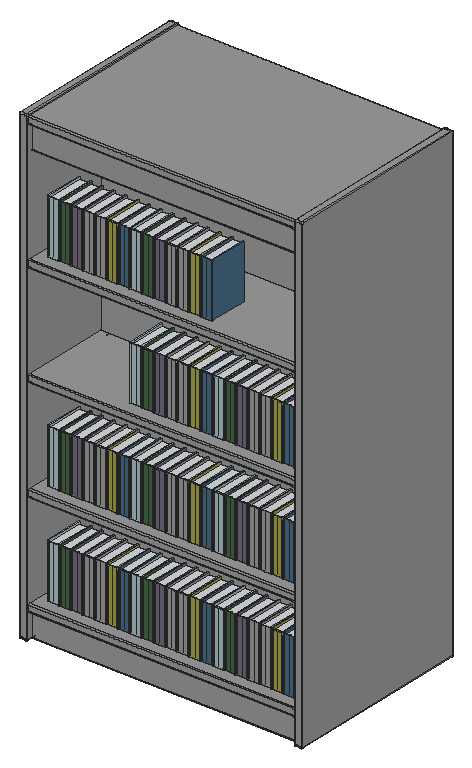
Revit family "Array 36x24x60", category Generic Models, Revit 2018
Family settings
  Can host rebar = No
  Round Connector Dimension = Use Diameter
  Part Type = Normal
  Work Plane-Based = No
  Always vertical = Yes
  Cut with Voids When Loaded = No
  Shared = No
  Room Calculation Point = No
Parameters
  Surface = Array Glider 36x24x60
Reference planes (in)
  plane 1 "Center (Front/Back)": y = 0
  plane 2: z = 0
  plane 3 "Center (Left/Right)": x = 0
Forms (in)
  Extrusion 1, solid, material "Array Glider 36x24x60" <- "Surface"
    sketch origin (0, 0, 18) x (0, 1, 0) y (0, 0, 1)
      loop
        line (11.875, 41.23662) -> (11.875, 42.00062)
        arc (11.875, 42.00062) -> (11.84044, 42.08405) -> (11.757, 42.11862) r 0.118
        line (11.757, 42.11862) -> (-11.757, 42.11862)
        arc (-11.757, 42.11862) -> (-11.84044, 42.08405) -> (-11.875, 42.00062) r 0.118
        line (-11.875, 42.00062) -> (-11.875, 41.23662)
        arc (-11.875, 41.23662) -> (-11.84044, 41.15318) -> (-11.757, 41.11862) r 0.118
        line (-11.757, 41.11862) -> (11.757, 41.11862)
        arc (11.757, 41.11862) -> (11.84044, 41.15318) -> (11.875, 41.23662) r 0.118
    from -17 to 17
  Extrusion 2, solid, material "Array Glider 36x24x60" <- "Surface"
    sketch origin (0, 0, -37.625) x (0, 1, 0) y (0, 0, 1)
      loop
        line (11.875, 41.23662) -> (11.875, 42.00062)
        arc (11.875, 42.00062) -> (11.84044, 42.08405) -> (11.757, 42.11862) r 0.118
        line (11.757, 42.11862) -> (-11.757, 42.11862)
        arc (-11.757, 42.11862) -> (-11.84044, 42.08405) -> (-11.875, 42.00062) r 0.118
        line (-11.875, 42.00062) -> (-11.875, 41.23662)
        arc (-11.875, 41.23662) -> (-11.84044, 41.15318) -> (-11.757, 41.11862) r 0.118
        line (-11.757, 41.11862) -> (11.757, 41.11862)
        arc (11.757, 41.11862) -> (11.84044, 41.15318) -> (11.875, 41.23662) r 0.118
    from -17 to 17
  Extrusion 3, solid, material "Array Glider 36x24x60" <- "Surface"
    sketch origin (0, 0, 18) x (0, 1, 0) y (0, 0, 1)
      loop
        line (-11.25, 41.11862) -> (-11.25, 37.98662)
        arc (-11.25, 37.98662) -> (-11.21544, 37.90318) -> (-11.132, 37.86862) r 0.118
        line (-11.132, 37.86862) -> (-10.368, 37.86862)
        arc (-10.368, 37.86862) -> (-10.28456, 37.90318) -> (-10.25, 37.98662) r 0.118
        line (-10.25, 37.98662) -> (-10.25, 41.11862) -> (-11.25, 41.11862)
    from -17 to 17
  Extrusion 4, solid, material "Array Glider 36x24x60" <- "Surface"
    sketch origin (0, 0, 18) x (0, -1, 0) y (0, 0, -1)
      loop
        line (-11.25, -41.11862) -> (-10.25, -41.11862) -> (-10.25, -37.98662)
        arc (-10.25, -37.98662) -> (-10.28456, -37.90318) -> (-10.368, -37.86862) r 0.118
        line (-10.368, -37.86862) -> (-11.132, -37.86862)
        arc (-11.132, -37.86862) -> (-11.21544, -37.90318) -> (-11.25, -37.98662) r 0.118
        line (-11.25, -37.98662) -> (-11.25, -41.11862)
    from -17 to 17
  Extrusion 5, solid, material "Array Glider 36x24x60" <- "Surface"
    sketch origin (0, 0, -37.625) x (0, 1, 0) y (0, 0, 1)
      loop
        line (-11.25, 41.11862) -> (-11.25, 37.98662)
        arc (-11.25, 37.98662) -> (-11.21544, 37.90318) -> (-11.132, 37.86862) r 0.118
        line (-11.132, 37.86862) -> (-10.368, 37.86862)
        arc (-10.368, 37.86862) -> (-10.28456, 37.90318) -> (-10.25, 37.98662) r 0.118
        line (-10.25, 37.98662) -> (-10.25, 41.11862) -> (-11.25, 41.11862)
    from -17 to 17
  Extrusion 6, solid, material "Array Glider 36x24x60" <- "Surface"
    sketch origin (0, 0, -37.625) x (0, -1, 0) y (0, 0, -1)
      loop
        line (-11.25, -41.11862) -> (-10.25, -41.11862) -> (-10.25, -37.98662)
        arc (-10.25, -37.98662) -> (-10.28456, -37.90318) -> (-10.368, -37.86862) r 0.118
        line (-10.368, -37.86862) -> (-11.132, -37.86862)
        arc (-11.132, -37.86862) -> (-11.21544, -37.90318) -> (-11.25, -37.98662) r 0.118
        line (-11.25, -37.98662) -> (-11.25, -41.11862)
    from -17 to 17
  Extrusion 7, solid, material "Array Glider 36x24x60" <- "Surface"
    sketch origin (0, 0, 0) x (0, 1, 0) y (0, 0, 1)
      loop
        line (0.375, 4.49362) -> (0.375, 59.11862) -> (-0.375, 59.11862) -> (-0.375, 4.49362) -> (0.375, 4.49362)
    from -17 to 17
  Extrusion 8, solid, material "Array Glider 36x24x60" <- "Surface"
    sketch origin (0, 0, -24.53125) x (0, 1, 0) y (0, 0, 1)
      loop
        line (-0.375, 41.23662) -> (-0.375, 42.00062)
        arc (-0.375, 42.00062) -> (-0.40956, 42.08405) -> (-0.493, 42.11862) r 0.118
        line (-0.493, 42.11862) -> (-11.757, 42.11862)
        arc (-11.757, 42.11862) -> (-11.84044, 42.08405) -> (-11.875, 42.00062) r 0.118
        line (-11.875, 42.00062) -> (-11.875, 41.23662)
        arc (-11.875, 41.23662) -> (-11.84044, 41.15318) -> (-11.757, 41.11862) r 0.118
        line (-11.757, 41.11862) -> (-0.493, 41.11862)
        arc (-0.493, 41.11862) -> (-0.40956, 41.15318) -> (-0.375, 41.23662) r 0.118
    from -17 to 17
  Extrusion 9, solid, material "Array Glider 36x24x60" <- "Surface"
    sketch origin (0, 0, -24.53125) x (0, -1, 0) y (0, 0, -1)
      loop
        arc (-0.375, -41.23662) -> (-0.40956, -41.15318) -> (-0.493, -41.11862) r 0.118
        line (-0.493, -41.11862) -> (-11.757, -41.11862)
        arc (-11.757, -41.11862) -> (-11.84044, -41.15318) -> (-11.875, -41.23662) r 0.118
        line (-11.875, -41.23662) -> (-11.875, -42.00062)
        arc (-11.875, -42.00062) -> (-11.84044, -42.08405) -> (-11.757, -42.11862) r 0.118
        line (-11.757, -42.11862) -> (-0.493, -42.11862)
        arc (-0.493, -42.11862) -> (-0.40956, -42.08405) -> (-0.375, -42.00062) r 0.118
        line (-0.375, -42.00062) -> (-0.375, -41.23662)
    from -17 to 17
  Revolve 10, solid, material "Array Gliders"
    sketch origin (0, -9.56264, 0) x (1, 0, 0) y (0, 0, 1)
      loop
        line (-15.31312, 0) -> (-14.97741, 0)
        arc (-14.97741, 0) -> (-14.96813, 0.01343) -> (-14.9733, 0.02891) r 0.01826
        line (-14.9733, 0.02891) -> (-15.1255, 0.18112) -> (-15.18869, 0.18112) -> (-15.18869, 1.17538) -> (-15.31312, 1.17538) -> (-15.31312, 0)
      axis (-15.31312, 0) -> (-15.31312, 1.17538)
    angle from 0 to 360
  Extrusion 11, solid, material "Array Gliders"
    sketch origin (0, 0, 0) x (1, 0, 0) y (0, 1, 0)
      loop
        line (-13.9375, -10.25) -> (-16, -8.1875) -> (-16, -10.25) -> (-13.9375, -10.25)
    from 0.24362 to 0.30612
  Extrusion 12, solid, material "Array Glider 36x24x60" <- "Surface"
    sketch origin (0, 0, 0) x (1, 0, 0) y (0, 0, 1)
      loop
        line (-17, 3.49362) -> (-17, 0.24362) -> (-16, 0.24362) -> (-16, 3.49362) -> (-17, 3.49362)
    from -10.25 to 10.25
  Extrusion 13, solid, material "Array Glider 36x24x60" <- "Surface"
    sketch origin (0, 0, 0) x (-1, 0, 0) y (0, 0, -1)
      loop
        line (-17, -3.49362) -> (-16, -3.49362) -> (-16, -0.24362) -> (-17, -0.24362) -> (-17, -3.49362)
    from -10.25 to 10.25
  Extrusion 14, solid, material "Array Glider 36x24x60" <- "Surface"
    sketch origin (0, 0, 55.625) x (-1, 0, 0) y (0, 0, -1)
      loop
        line (-17, -3.49362) -> (-16, -3.49362) -> (-16, -0.36162)
        arc (-16, -0.36162) -> (-16.03456, -0.27818) -> (-16.118, -0.24362) r 0.118
        line (-16.118, -0.24362) -> (-16.882, -0.24362)
        arc (-16.882, -0.24362) -> (-16.96544, -0.27818) -> (-17, -0.36162) r 0.118
        line (-17, -0.36162) -> (-17, -3.49362)
    from -10.25 to 10.25
  Extrusion 15, solid, material "Array Glider 36x24x60" <- "Surface"
    sketch origin (0, 0, 55.625) x (1, 0, 0) y (0, 0, 1)
      loop
        line (-17, 3.49362) -> (-17, 0.36162)
        arc (-17, 0.36162) -> (-16.96544, 0.27818) -> (-16.882, 0.24362) r 0.118
        line (-16.882, 0.24362) -> (-16.118, 0.24362)
        arc (-16.118, 0.24362) -> (-16.03456, 0.27818) -> (-16, 0.36162) r 0.118
        line (-16, 0.36162) -> (-16, 3.49362) -> (-17, 3.49362)
    from -10.25 to 10.25
  Revolve 16, solid, material "Array Gliders"
    sketch origin (0, 9.56264, 0) x (1, 0, 0) y (0, 0, -1)
      loop
        line (-15.31312, 0) -> (-15.31312, -1.17538) -> (-15.18869, -1.17538) -> (-15.18869, -0.18112) -> (-15.1255, -0.18112) -> (-14.9733, -0.02891)
        arc (-14.9733, -0.02891) -> (-14.96813, -0.01343) -> (-14.97741, 0) r 0.01826
        line (-14.97741, 0) -> (-15.31312, 0)
      axis (-15.31312, 0) -> (-15.31312, -1.17538)
    angle from 0 to 360
  Extrusion 17, solid, material "Array Gliders"
    sketch origin (0, 0, 0) x (1, 0, 0) y (0, 1, 0)
      loop
        line (-13.9375, 10.25) -> (-16, 10.25) -> (-16, 8.1875) -> (-13.9375, 10.25)
    from 0.24362 to 0.30612
  Revolve 18, solid, material "Array Gliders"
    sketch origin (0, -9.56264, 0) x (-1, 0, 0) y (0, 0, -1)
      loop
        line (-15.31312, 0) -> (-15.31312, -1.17538) -> (-15.18869, -1.17538) -> (-15.18869, -0.18112) -> (-15.1255, -0.18112) -> (-14.9733, -0.02891)
        arc (-14.9733, -0.02891) -> (-14.96813, -0.01343) -> (-14.97741, 0) r 0.01826
        line (-14.97741, 0) -> (-15.31312, 0)
      axis (-15.31312, 0) -> (-15.31312, -1.17538)
    angle from 0 to 360
  Extrusion 19, solid, material "Array Gliders"
    sketch origin (0, 0, 0) x (-1, 0, 0) y (0, -1, 0)
      loop
        line (-13.9375, 10.25) -> (-16, 10.25) -> (-16, 8.1875) -> (-13.9375, 10.25)
    from 0.24362 to 0.30612
  Revolve 20, solid, material "Array Gliders"
    sketch origin (0, 9.56264, 0) x (-1, 0, 0) y (0, 0, 1)
      loop
        line (-15.31312, 0) -> (-14.97741, 0)
        arc (-14.97741, 0) -> (-14.96813, 0.01343) -> (-14.9733, 0.02891) r 0.01826
        line (-14.9733, 0.02891) -> (-15.1255, 0.18112) -> (-15.18869, 0.18112) -> (-15.18869, 1.17538) -> (-15.31312, 1.17538) -> (-15.31312, 0)
      axis (-15.31312, 0) -> (-15.31312, 1.17538)
    angle from 0 to 360
  Extrusion 21, solid, material "Array Gliders"
    sketch origin (0, 0, 0) x (-1, 0, 0) y (0, -1, 0)
      loop
        line (-13.9375, -10.25) -> (-16, -8.1875) -> (-16, -10.25) -> (-13.9375, -10.25)
    from 0.24362 to 0.30612
  Extrusion 22, solid, material "Array Glider 36x24x60" <- "Surface"
    sketch origin (0, 0, -11.4375) x (0, 1, 0) y (0, 0, 1)
      loop
        line (-0.375, 41.23662) -> (-0.375, 42.00062)
        arc (-0.375, 42.00062) -> (-0.40956, 42.08405) -> (-0.493, 42.11862) r 0.118
        line (-0.493, 42.11862) -> (-11.757, 42.11862)
        arc (-11.757, 42.11862) -> (-11.84044, 42.08405) -> (-11.875, 42.00062) r 0.118
        line (-11.875, 42.00062) -> (-11.875, 41.23662)
        arc (-11.875, 41.23662) -> (-11.84044, 41.15318) -> (-11.757, 41.11862) r 0.118
        line (-11.757, 41.11862) -> (-0.493, 41.11862)
        arc (-0.493, 41.11862) -> (-0.40956, 41.15318) -> (-0.375, 41.23662) r 0.118
    from -17 to 17
  Extrusion 23, solid, material "Array Glider 36x24x60" <- "Surface"
    sketch origin (0, 0, -11.4375) x (0, -1, 0) y (0, 0, -1)
      loop
        arc (-0.375, -41.23662) -> (-0.40956, -41.15318) -> (-0.493, -41.11862) r 0.118
        line (-0.493, -41.11862) -> (-11.757, -41.11862)
        arc (-11.757, -41.11862) -> (-11.84044, -41.15318) -> (-11.875, -41.23662) r 0.118
        line (-11.875, -41.23662) -> (-11.875, -42.00062)
        arc (-11.875, -42.00062) -> (-11.84044, -42.08405) -> (-11.757, -42.11862) r 0.118
        line (-11.757, -42.11862) -> (-0.493, -42.11862)
        arc (-0.493, -42.11862) -> (-0.40956, -42.08405) -> (-0.375, -42.00062) r 0.118
        line (-0.375, -42.00062) -> (-0.375, -41.23662)
    from -17 to 17
  Sweep 24, solid, material "Array Glider 36x24x60" <- "Surface"
    path origin (0, 0, 0) x (0, 1, 0) y (0, 0, -1)
      loop
        line (-11.86124, -60.12562) -> (11.86124, -60.12562)
        arc (11.86124, -60.12562) -> (11.87592, -60.11954) -> (11.882, -60.10486) r 0.02076
        line (11.882, -60.10486) -> (11.882, -0.38237)
        arc (11.882, -0.38237) -> (11.87592, -0.36769) -> (11.86124, -0.36162) r 0.02076
        line (11.86124, -0.36162) -> (-11.86124, -0.36162)
        arc (-11.86124, -0.36162) -> (-11.87592, -0.36769) -> (-11.882, -0.38237) r 0.02076
        line (-11.882, -0.38237) -> (-11.882, -60.10486)
        arc (-11.882, -60.10486) -> (-11.87592, -60.11954) -> (-11.86124, -60.12562) r 0.02076
    profile origin (0, 0, 60.12562) x (0, 0, -1) y (-1, 0, 0)
      loop
        arc (0, -17) -> (-0.08344, -17.03456) -> (-0.118, -17.118) r 0.118
        line (-0.118, -17.118) -> (-0.118, -17.882)
        arc (-0.118, -17.882) -> (-0.08344, -17.96544) -> (0, -18) r 0.118
        line (0, -18) -> (0, -17)
  Extrusion 25, solid, material "Array Glider 36x24x60" <- "Surface"
    sketch origin (0, 0, 1.65625) x (0, 1, 0) y (0, 0, 1)
      loop
        line (-0.375, 41.23662) -> (-0.375, 42.00062)
        arc (-0.375, 42.00062) -> (-0.40956, 42.08405) -> (-0.493, 42.11862) r 0.118
        line (-0.493, 42.11862) -> (-11.757, 42.11862)
        arc (-11.757, 42.11862) -> (-11.84044, 42.08405) -> (-11.875, 42.00062) r 0.118
        line (-11.875, 42.00062) -> (-11.875, 41.23662)
        arc (-11.875, 41.23662) -> (-11.84044, 41.15318) -> (-11.757, 41.11862) r 0.118
        line (-11.757, 41.11862) -> (-0.493, 41.11862)
        arc (-0.493, 41.11862) -> (-0.40956, 41.15318) -> (-0.375, 41.23662) r 0.118
    from -17 to 17
  Extrusion 26, solid, material "Array Glider 36x24x60" <- "Surface"
    sketch origin (0, 0, 1.65625) x (0, -1, 0) y (0, 0, -1)
      loop
        arc (-0.375, -41.23662) -> (-0.40956, -41.15318) -> (-0.493, -41.11862) r 0.118
        line (-0.493, -41.11862) -> (-11.757, -41.11862)
        arc (-11.757, -41.11862) -> (-11.84044, -41.15318) -> (-11.875, -41.23662) r 0.118
        line (-11.875, -41.23662) -> (-11.875, -42.00062)
        arc (-11.875, -42.00062) -> (-11.84044, -42.08405) -> (-11.757, -42.11862) r 0.118
        line (-11.757, -42.11862) -> (-0.493, -42.11862)
        arc (-0.493, -42.11862) -> (-0.40956, -42.08405) -> (-0.375, -42.00062) r 0.118
        line (-0.375, -42.00062) -> (-0.375, -41.23662)
    from -17 to 17
  Sweep 27, solid, material "Array Glider 36x24x60" <- "Surface"
    path origin (0, 0, 0) x (0, 1, 0) y (0, 0, 1)
      loop
        arc (-11.86124, 60.12562) -> (-11.87592, 60.11954) -> (-11.882, 60.10486) r 0.02076
        line (-11.882, 60.10486) -> (-11.882, 0.38237)
        arc (-11.882, 0.38237) -> (-11.87592, 0.36769) -> (-11.86124, 0.36162) r 0.02076
        line (-11.86124, 0.36162) -> (11.86124, 0.36162)
        arc (11.86124, 0.36162) -> (11.87592, 0.36769) -> (11.882, 0.38237) r 0.02076
        line (11.882, 0.38237) -> (11.882, 60.10486)
        arc (11.882, 60.10486) -> (11.87592, 60.11954) -> (11.86124, 60.12562) r 0.02076
        line (11.86124, 60.12562) -> (-11.86124, 60.12562)
    profile origin (0, 0, 60.12562) x (0, 0, 1) y (1, 0, 0)
      loop
        line (0, -17) -> (0, -18)
        arc (0, -18) -> (0.08344, -17.96544) -> (0.118, -17.882) r 0.118
        line (0.118, -17.882) -> (0.118, -17.118)
        arc (0.118, -17.118) -> (0.08344, -17.03456) -> (0, -17) r 0.118
  Extrusion 28, solid, material "Array Glider 36x24x60" <- "Surface"
    sketch origin (0, 0, 0) x (0, 1, 0) y (0, 0, 1)
      loop
        line (11.86124, 60.12562) -> (-11.86124, 60.12562)
        arc (-11.86124, 60.12562) -> (-11.87592, 60.11954) -> (-11.882, 60.10486) r 0.02076
        line (-11.882, 60.10486) -> (-11.882, 0.38237)
        arc (-11.882, 0.38237) -> (-11.87592, 0.36769) -> (-11.86124, 0.36162) r 0.02076
        line (-11.86124, 0.36162) -> (11.86124, 0.36162)
        arc (11.86124, 0.36162) -> (11.87592, 0.36769) -> (11.882, 0.38237) r 0.02076
        line (11.882, 0.38237) -> (11.882, 60.10486)
        arc (11.882, 60.10486) -> (11.87592, 60.11954) -> (11.86124, 60.12562) r 0.02076
    from 17 to 18
  Extrusion 29, solid, material "Array Glider 36x24x60" <- "Surface"
    sketch origin (0, 0, 0) x (0, 1, 0) y (0, 0, -1)
      loop
        arc (11.86124, -60.12562) -> (11.87592, -60.11954) -> (11.882, -60.10486) r 0.02076
        line (11.882, -60.10486) -> (11.882, -0.38237)
        arc (11.882, -0.38237) -> (11.87592, -0.36769) -> (11.86124, -0.36162) r 0.02076
        line (11.86124, -0.36162) -> (-11.86124, -0.36162)
        arc (-11.86124, -0.36162) -> (-11.87592, -0.36769) -> (-11.882, -0.38237) r 0.02076
        line (-11.882, -0.38237) -> (-11.882, -60.10486)
        arc (-11.882, -60.10486) -> (-11.87592, -60.11954) -> (-11.86124, -60.12562) r 0.02076
        line (-11.86124, -60.12562) -> (11.86124, -60.12562)
    from 17 to 18
Dimensions and locks (in)
  aligned and locked: plane 2 to level
Nested families (in)
  nested 1: "Books" at (-15.125, -10.25, 4.49362), type "Books"
  nested 2: "Books" at (-4.625, -10.25, 4.49362), type "Books"
  nested 3: "Books" at (5.875, -10.25, 4.49362), type "Books"
  nested 4: "Books" at (-15.125, -10.25, 17.58737), type "Books"
  nested 5: "Books" at (-4.625, -10.25, 17.58737), type "Books"
  nested 6: "Books" at (5.875, -10.25, 17.58737), type "Books"
  nested 7: "Books" at (-4.625, -10.25, 30.74362), type "Books"
  nested 8: "Books" at (5.875, -10.25, 30.74362), type "Books"
  nested 9: "Books" at (-15.125, -10.25, 43.77487), type "Books"
  nested 10: "Books" at (-4.625, -10.25, 43.77487), type "Books"
  nested 11: "Books" at (-15.125, 10.25, 4.49362), type "Books"
  nested 12: "Books" at (-4.625, 10.25, 4.49362), type "Books"
  nested 13: "Books" at (5.875, 10.25, 4.49362), type "Books"
  nested 14: "Books" at (-15.125, 10.25, 17.58737), type "Books"
  nested 15: "Books" at (-4.625, 10.25, 17.58737), type "Books"
  nested 16: "Books" at (5.875, 10.25, 17.58737), type "Books"
  nested 17: "Books" at (-4.625, 10.25, 30.74362), type "Books"
  nested 18: "Books" at (5.875, 10.25, 30.74362), type "Books"
  nested 19: "Books" at (-15.125, 10.25, 43.77487), type "Books"
  nested 20: "Books" at (-4.625, 10.25, 43.77487), type "Books"
Definition of nested family "Books"
  Reference planes (in)
    plane 1 "Center (Front/Back)": y = 0
    plane 2: z = 0
    plane 3 "Center (Left/Right)": x = 0
    plane 4: z = 0.125
    plane 5: z = 10.875
    plane 6: z = 8.875
    plane 7: y = 1
    plane 8: y = 6
    plane 9: y = 5
    plane 10: z = 6.875
  Forms (in)
    Extrusion 1, solid
      sketch origin (0, 0, 0) x (1, 0, 0) y (0, 1, 0)
        loop
          line (-0.75, 5) -> (-0.75, 0.16705)
          arc (-0.75, 0.16705) -> (-0.70136, 0.11841) -> (-0.75, 0.06977) r 0.04864
          arc (-0.75, 0.06977) -> (-0.71934, 0.01698) -> (-0.66069, 0) r 0.082
          line (-0.66069, 0) -> (0, 0) -> (0.66069, 0)
          arc (0.66069, 0) -> (0.71934, 0.01698) -> (0.75, 0.06977) r 0.082
          arc (0.75, 0.06977) -> (0.70136, 0.11841) -> (0.75, 0.16705) r 0.04864
          line (0.75, 0.16705) -> (0.75, 5) -> (0.6254, 5) -> (0.6254, 0.12848)
          arc (0.6254, 0.12848) -> (0.6041, 0.08281) -> (0.55544, 0.06977) r 0.05961
          line (0.55544, 0.06977) -> (0, 0.06977) -> (-0.55544, 0.06977)
          arc (-0.55544, 0.06977) -> (-0.6041, 0.08281) -> (-0.6254, 0.12848) r 0.05961
          line (-0.6254, 0.12848) -> (-0.6254, 5) -> (-0.75, 5)
      from 0 to 6.875
    Extrusion 2, solid
      sketch origin (-4.75, -180, 0.125) x (-1, 0, 0) y (0, -1, 0)
        loop
          line (-4.1246, -184.88306) -> (-4.1246, -180.13971) -> (-5.3754, -180.13971) -> (-5.3754, -184.88306) -> (-4.1246, -184.88306)
      from 0 to 6.57025
    Extrusion 3, solid
      sketch origin (1.5, 0, 0) x (1, 0, 0) y (0, 1, 0)
        loop
          line (-0.75, 5) -> (-0.75, 0.16705)
          arc (-0.75, 0.16705) -> (-0.70136, 0.11841) -> (-0.75, 0.06977) r 0.04864
          arc (-0.75, 0.06977) -> (-0.71934, 0.01698) -> (-0.66069, 0) r 0.082
          line (-0.66069, 0) -> (0, 0) -> (0.66069, 0)
          arc (0.66069, 0) -> (0.71934, 0.01698) -> (0.75, 0.06977) r 0.082
          arc (0.75, 0.06977) -> (0.70136, 0.11841) -> (0.75, 0.16705) r 0.04864
          line (0.75, 0.16705) -> (0.75, 5) -> (0.6254, 5) -> (0.6254, 0.12848)
          arc (0.6254, 0.12848) -> (0.6041, 0.08281) -> (0.55544, 0.06977) r 0.05961
          line (0.55544, 0.06977) -> (0, 0.06977) -> (-0.55544, 0.06977)
          arc (-0.55544, 0.06977) -> (-0.6041, 0.08281) -> (-0.6254, 0.12848) r 0.05961
          line (-0.6254, 0.12848) -> (-0.6254, 5) -> (-0.75, 5)
      from 0 to 6.875
    Extrusion 4, solid
      sketch origin (-3.25, -180, 0.125) x (-1, 0, 0) y (0, -1, 0)
        loop
          line (-4.1246, -184.88306) -> (-4.1246, -180.13971) -> (-5.3754, -180.13971) -> (-5.3754, -184.88306) -> (-4.1246, -184.88306)
      from 0 to 6.57025
    Extrusion 5, solid
      sketch origin (3, 0, 0) x (1, 0, 0) y (0, 1, 0)
        loop
          line (-0.75, 5) -> (-0.75, 0.16705)
          arc (-0.75, 0.16705) -> (-0.70136, 0.11841) -> (-0.75, 0.06977) r 0.04864
          arc (-0.75, 0.06977) -> (-0.71934, 0.01698) -> (-0.66069, 0) r 0.082
          line (-0.66069, 0) -> (0, 0) -> (0.66069, 0)
          arc (0.66069, 0) -> (0.71934, 0.01698) -> (0.75, 0.06977) r 0.082
          arc (0.75, 0.06977) -> (0.70136, 0.11841) -> (0.75, 0.16705) r 0.04864
          line (0.75, 0.16705) -> (0.75, 5) -> (0.6254, 5) -> (0.6254, 0.12848)
          arc (0.6254, 0.12848) -> (0.6041, 0.08281) -> (0.55544, 0.06977) r 0.05961
          line (0.55544, 0.06977) -> (0, 0.06977) -> (-0.55544, 0.06977)
          arc (-0.55544, 0.06977) -> (-0.6041, 0.08281) -> (-0.6254, 0.12848) r 0.05961
          line (-0.6254, 0.12848) -> (-0.6254, 5) -> (-0.75, 5)
      from 0 to 6.875
    Extrusion 6, solid
      sketch origin (-1.75, -180, 0.125) x (-1, 0, 0) y (0, -1, 0)
        loop
          line (-4.1246, -184.88306) -> (-4.1246, -180.13971) -> (-5.3754, -180.13971) -> (-5.3754, -184.88306) -> (-4.1246, -184.88306)
      from 0 to 6.57025
    Extrusion 7, solid
      sketch origin (4.5, 0, 0) x (1, 0, 0) y (0, 1, 0)
        loop
          line (-0.75, 5) -> (-0.75, 0.16705)
          arc (-0.75, 0.16705) -> (-0.70136, 0.11841) -> (-0.75, 0.06977) r 0.04864
          arc (-0.75, 0.06977) -> (-0.71934, 0.01698) -> (-0.66069, 0) r 0.082
          line (-0.66069, 0) -> (0, 0) -> (0.66069, 0)
          arc (0.66069, 0) -> (0.71934, 0.01698) -> (0.75, 0.06977) r 0.082
          arc (0.75, 0.06977) -> (0.70136, 0.11841) -> (0.75, 0.16705) r 0.04864
          line (0.75, 0.16705) -> (0.75, 5) -> (0.6254, 5) -> (0.6254, 0.12848)
          arc (0.6254, 0.12848) -> (0.6041, 0.08281) -> (0.55544, 0.06977) r 0.05961
          line (0.55544, 0.06977) -> (0, 0.06977) -> (-0.55544, 0.06977)
          arc (-0.55544, 0.06977) -> (-0.6041, 0.08281) -> (-0.6254, 0.12848) r 0.05961
          line (-0.6254, 0.12848) -> (-0.6254, 5) -> (-0.75, 5)
      from 0 to 6.875
    Extrusion 8, solid
      sketch origin (-0.25, -180, 0.125) x (-1, 0, 0) y (0, -1, 0)
        loop
          line (-4.1246, -184.88306) -> (-4.1246, -180.13971) -> (-5.3754, -180.13971) -> (-5.3754, -184.88306) -> (-4.1246, -184.88306)
      from 0 to 6.57025
    Extrusion 9, solid
      sketch origin (6, 0, 0) x (1, 0, 0) y (0, 1, 0)
        loop
          line (-0.75, 5) -> (-0.75, 0.16705)
          arc (-0.75, 0.16705) -> (-0.70136, 0.11841) -> (-0.75, 0.06977) r 0.04864
          arc (-0.75, 0.06977) -> (-0.71934, 0.01698) -> (-0.66069, 0) r 0.082
          line (-0.66069, 0) -> (0, 0) -> (0.66069, 0)
          arc (0.66069, 0) -> (0.71934, 0.01698) -> (0.75, 0.06977) r 0.082
          arc (0.75, 0.06977) -> (0.70136, 0.11841) -> (0.75, 0.16705) r 0.04864
          line (0.75, 0.16705) -> (0.75, 5) -> (0.6254, 5) -> (0.6254, 0.12848)
          arc (0.6254, 0.12848) -> (0.6041, 0.08281) -> (0.55544, 0.06977) r 0.05961
          line (0.55544, 0.06977) -> (0, 0.06977) -> (-0.55544, 0.06977)
          arc (-0.55544, 0.06977) -> (-0.6041, 0.08281) -> (-0.6254, 0.12848) r 0.05961
          line (-0.6254, 0.12848) -> (-0.6254, 5) -> (-0.75, 5)
      from 0 to 6.875
    Extrusion 10, solid
      sketch origin (1.25, -180, 0.125) x (-1, 0, 0) y (0, -1, 0)
        loop
          line (-4.1246, -184.88306) -> (-4.1246, -180.13971) -> (-5.3754, -180.13971) -> (-5.3754, -184.88306) -> (-4.1246, -184.88306)
      from 0 to 6.57025
    Extrusion 11, solid
      sketch origin (7.5, 0, 0) x (1, 0, 0) y (0, 1, 0)
        loop
          line (-0.75, 5) -> (-0.75, 0.16705)
          arc (-0.75, 0.16705) -> (-0.70136, 0.11841) -> (-0.75, 0.06977) r 0.04864
          arc (-0.75, 0.06977) -> (-0.71934, 0.01698) -> (-0.66069, 0) r 0.082
          line (-0.66069, 0) -> (0, 0) -> (0.66069, 0)
          arc (0.66069, 0) -> (0.71934, 0.01698) -> (0.75, 0.06977) r 0.082
          arc (0.75, 0.06977) -> (0.70136, 0.11841) -> (0.75, 0.16705) r 0.04864
          line (0.75, 0.16705) -> (0.75, 5) -> (0.6254, 5) -> (0.6254, 0.12848)
          arc (0.6254, 0.12848) -> (0.6041, 0.08281) -> (0.55544, 0.06977) r 0.05961
          line (0.55544, 0.06977) -> (0, 0.06977) -> (-0.55544, 0.06977)
          arc (-0.55544, 0.06977) -> (-0.6041, 0.08281) -> (-0.6254, 0.12848) r 0.05961
          line (-0.6254, 0.12848) -> (-0.6254, 5) -> (-0.75, 5)
      from 0 to 6.875
    Extrusion 12, solid
      sketch origin (2.75, -180, 0.125) x (-1, 0, 0) y (0, -1, 0)
        loop
          line (-4.1246, -184.88306) -> (-4.1246, -180.13971) -> (-5.3754, -180.13971) -> (-5.3754, -184.88306) -> (-4.1246, -184.88306)
      from 0 to 6.57025
    Extrusion 13, solid
      sketch origin (9, 0, 0) x (1, 0, 0) y (0, 1, 0)
        loop
          line (-0.75, 5) -> (-0.75, 0.16705)
          arc (-0.75, 0.16705) -> (-0.70136, 0.11841) -> (-0.75, 0.06977) r 0.04864
          arc (-0.75, 0.06977) -> (-0.71934, 0.01698) -> (-0.66069, 0) r 0.082
          line (-0.66069, 0) -> (0, 0) -> (0.66069, 0)
          arc (0.66069, 0) -> (0.71934, 0.01698) -> (0.75, 0.06977) r 0.082
          arc (0.75, 0.06977) -> (0.70136, 0.11841) -> (0.75, 0.16705) r 0.04864
          line (0.75, 0.16705) -> (0.75, 5) -> (0.6254, 5) -> (0.6254, 0.12848)
          arc (0.6254, 0.12848) -> (0.6041, 0.08281) -> (0.55544, 0.06977) r 0.05961
          line (0.55544, 0.06977) -> (0, 0.06977) -> (-0.55544, 0.06977)
          arc (-0.55544, 0.06977) -> (-0.6041, 0.08281) -> (-0.6254, 0.12848) r 0.05961
          line (-0.6254, 0.12848) -> (-0.6254, 5) -> (-0.75, 5)
      from 0 to 6.875
    Extrusion 14, solid
      sketch origin (4.25, -180, 0.125) x (-1, 0, 0) y (0, -1, 0)
        loop
          line (-4.1246, -184.88306) -> (-4.1246, -180.13971) -> (-5.3754, -180.13971) -> (-5.3754, -184.88306) -> (-4.1246, -184.88306)
      from 0 to 6.57025
  Lines and regions (in)
    model lines
      curve 1: line (-0.3754, 4.88306, 6.69525) -> (-0.3754, 0.13971, 6.69525)
      curve 2: line (-0.1254, 4.88306, 6.69525) -> (-0.1254, 0.13971, 6.69525)
      curve 3: line (0.1246, 4.88306, 6.69525) -> (0.1246, 0.13971, 6.69525)
      curve 4: line (0.3746, 4.88306, 6.69525) -> (0.3746, 0.13971, 6.69525)
      curve 5: line (1.1246, 4.88306, 6.69525) -> (1.1246, 0.13971, 6.69525)
      curve 6: line (1.3746, 4.88306, 6.69525) -> (1.3746, 0.13971, 6.69525)
      curve 7: line (1.6246, 4.88306, 6.69525) -> (1.6246, 0.13971, 6.69525)
      curve 8: line (1.8746, 4.88306, 6.69525) -> (1.8746, 0.13971, 6.69525)
      curve 9: line (2.6246, 4.88306, 6.69525) -> (2.6246, 0.13971, 6.69525)
      curve 10: line (2.8746, 4.88306, 6.69525) -> (2.8746, 0.13971, 6.69525)
      curve 11: line (3.1246, 4.88306, 6.69525) -> (3.1246, 0.13971, 6.69525)
      curve 12: line (3.3746, 4.88306, 6.69525) -> (3.3746, 0.13971, 6.69525)
      curve 13: line (4.1246, 4.88306, 6.69525) -> (4.1246, 0.13971, 6.69525)
      curve 14: line (4.3746, 4.88306, 6.69525) -> (4.3746, 0.13971, 6.69525)
      curve 15: line (4.6246, 4.88306, 6.69525) -> (4.6246, 0.13971, 6.69525)
      curve 16: line (4.8746, 4.88306, 6.69525) -> (4.8746, 0.13971, 6.69525)
      curve 17: line (5.6246, 4.88306, 6.69525) -> (5.6246, 0.13971, 6.69525)
      curve 18: line (5.8746, 4.88306, 6.69525) -> (5.8746, 0.13971, 6.69525)
      curve 19: line (6.1246, 4.88306, 6.69525) -> (6.1246, 0.13971, 6.69525)
      curve 20: line (6.3746, 4.88306, 6.69525) -> (6.3746, 0.13971, 6.69525)
      curve 21: line (7.1246, 4.88306, 6.69525) -> (7.1246, 0.13971, 6.69525)
      curve 22: line (7.3746, 4.88306, 6.69525) -> (7.3746, 0.13971, 6.69525)
      curve 23: line (7.6246, 4.88306, 6.69525) -> (7.6246, 0.13971, 6.69525)
      curve 24: line (7.8746, 4.88306, 6.69525) -> (7.8746, 0.13971, 6.69525)
      curve 25: line (8.6246, 4.88306, 6.69525) -> (8.6246, 0.13971, 6.69525)
      curve 26: line (8.8746, 4.88306, 6.69525) -> (8.8746, 0.13971, 6.69525)
      curve 27: line (9.1246, 4.88306, 6.69525) -> (9.1246, 0.13971, 6.69525)
      curve 28: line (9.3746, 4.88306, 6.69525) -> (9.3746, 0.13971, 6.69525)
